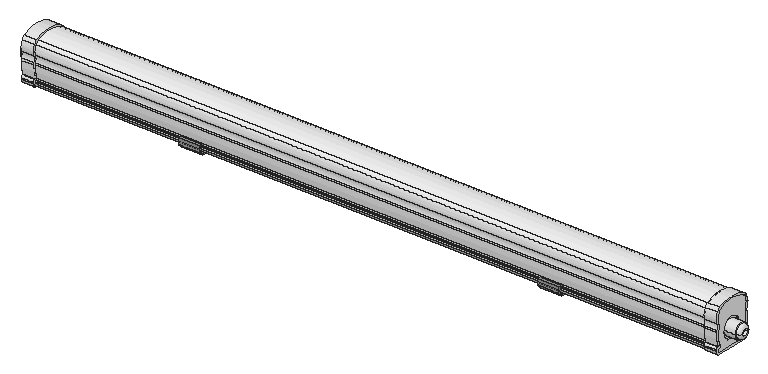
Revit family "0046031", category Lighting Fixtures, host Face, Revit 2016
Family settings
  Host = Face
  Part Type = Normal
  Round Connector Dimension = Use Diameter
  OmniClass Number = 23.80.70.00
  OmniClass Title = Lighting
  Cut with Voids When Loaded = No
  Light Source = Yes
  Shared = No
  Room Calculation Point = No
Parameters (values of type "0046031 ST WTRPRF SLIM 1200 IP65 4600LM 840")
  Weight = "7.38 kg"
  Wattage Comments = ""
  Wattage = 35 W
  WarrantyStartDate [instance] = "n/a"
  WarrantyGuarantorParts = "n/a"
  WarrantyDurationUnit = "n/a"
  WarrantyDurationParts = "n/a"
  WarrantyDescription = "n/a"
  built-in parameter 1150110 = 1 (stored number, unit not read)
  Voltage = 0 V
  URL = "http://www.sylvania-lighting.com"
  TypeName = "START Waterproof Slim 1200 IP65 4600lm 840"
  Type Image = <None>
  Type Comments = "n/a"
  built-in parameter 1114217 = 1 (stored number, unit not read)
  Tilt Angle = -90.00°
  built-in parameter 1150109 = 1 (stored number, unit not read)
  built-in parameter 1150134 = 12
  built-in parameter 1150113 = 1 (stored number, unit not read)
  SerialNumber [instance] = "n/a"
  S_SYL = no
  Photometric Web File = "0046031.ies"
  Material_3_SYL = Aluminum
  PowerFactor = 0.9
  PowerConsumption = "35 W"
  NominalLength = 1208 mm
  NominalHeight = 75 mm
  NominalDepth = 63 mm
  Name = "START Waterproof Slim 1200 IP65 4600lm 840"
  ModelReference = Name  # "START Waterproof Slim 1200 IP65 4600lm 840"
  ModelNumber = "0046031"
  Model = Name  # "START Waterproof Slim 1200 IP65 4600lm 840"
  Material = "n/a"
  ManufacturerName = "Feilo Sylvania"
  Manufacturer = "Feilo Sylvania"
  M_SYL = yes
  LuminousEfficacy = "130 lm/W"
  built-in parameter 1150105 = 1310.6 (stored number, unit not read)
  Lumens = 4550 lm
  LuminaireType = ""
  built-in parameter 1150115 = 1 (stored number, unit not read)
  LightOutputRatio = "n/a"
  built-in parameter 1150137 = (empty or 0)
  built-in parameter 1150139 = (empty or 0)
  Length_SYL = if(S_SYL, 601 mm, if(M_SYL, 1161 mm, 1442 mm))  # 1161 mm
  LampsType = Lamp  # "LED"
  LampNominalLuminous = "4550 lm"
  LampMacAdamStep = "n/a"
  LampColourTemperature = "4000 K"
  LampColourRenderingIndex = "80"
  built-in parameter 1150112 = 1 (stored number, unit not read)
  built-in parameter 1150114 = 1 (stored number, unit not read)
  Lamp = "LED"
  Keynote = "16500"
  InstallationDate [instance] = "n/a"
  InputVoltage = "n/a"
  InputNominalFrequency = "n/a"
  built-in parameter 1150132 = (empty or 0)
  built-in parameter 1150102 = (empty or 0)
  built-in parameter 1150107 = 4000 (stored number, unit not read)
  built-in parameter 1150138 = (empty or 0)
  IngressProtection = "IP65"
  ImpactProtectionIndex = "IK08"
  built-in parameter 1150106 = 13.106 (stored number, unit not read)
  IfcExportType = "IfcLightFixtureType"
  IfcExportAs = "IfcLightFixtureType"
  Emit from Rectangle Width = 60 mm
  Emit from Rectangle Length = Length_SYL - 41 mm  # 1120 mm
  Emit Shape Visible in Rendering = no
  ElectricShockClassification = "Class I"
  built-in parameter 1150104 = 12.077 (stored number, unit not read)
  DocumentationLiterature = "http://www.sylvania-lighting.com/product/en-int/products/0046031"
  DimmingControlOptions = "n/a"
  Material_2_SYL = Diffuser-Sylvania
  Dimming Lamp Color Temperature Shift = <None>
  Description = "START Waterproof Slim is a LED integrated polycarbonate housing luminaire with easy to access electrical terminal through bayonet lock end caps and tool-free electrical connection due to push-in terminal. Flexible installation as mounting brackets can be positioned freely on the luminaire. 35W; 4550lm; High efficiency with 130lm/W and 50,000 lifetime. SDCM ≤6; IP65; IK08; Class I; 1208mm x 63mm x 75mm ,"
  Default Elevation = 1219.2 mm
  CreatedOn = "3/5/2019"
  CreatedBy = "@sylvania-lighting.com"
  Cost = 0
  Color Filter = 16777215
  built-in parameter 1114216 [instance] = (empty or 0)
  ClassificationValue = "EF_70_80"
  ClassificationName = "Uniclass2015"
  Material_1_SYL = PC/ABS Plastic
  BracketDistance_SYL = if(S_SYL, 300 mm, if(M_SYL, 600 mm, 750 mm))  # 600 mm
  BarCode [instance] = "n/a"
  built-in parameter 1114218 = 1 (stored number, unit not read)
  built-in parameter 1150133 = 10 (stored number, unit not read)
  AssetType = "Fixed"
  AssetIdentifier [instance] = "n/a"
  Assembly Code = "D5020200"
  Apparent Load = 35 VA
  Material_4_SYL = none
Reference planes
  plane 1 "Center (Front/Back)": y = 0
  plane 2: z = 0
  plane 3 "Center (Left/Right)": x = 0
  plane 4: y = 31.5
  plane 5: y = -31.5
  plane 6: z = 86
  plane 7: z = 5
  plane 8: x = -580.5
  plane 9: x = 580.5
  plane 10: x = -560
  plane 11: x = 560
  plane 12: x = -579.5
  plane 13: x = 579.5
  plane 14: z = 33.7
  plane 15: y = 11
  plane 16: x = 575.5
  plane 17: x = -575.5
  plane 18: y = 17
  plane 19: x = 596
  plane 20: x = -596
  plane 21: x = 602.2
  plane 22: x = -602.2
  plane 23: y = 12.2
  plane 24: y = 6.2
  plane 25: z = 1
  plane 26: y = 26
  plane 27: y = -26
  plane 28: z = 15
  plane 29: x = -300
  plane 30: x = 300
  plane 31: x = -317.5
  plane 32: x = -282.5
  plane 33: x = 317.5
  plane 34: x = 282.5
Forms (mm)
  Extrusion 1, solid
    sketch origin (0, 0, 5) x (0, 1, 0) y (0, 0, 1)
      loop
        arc (26.446, 12.356) -> (28.93, 23.033) -> (29.9, 33.951) r 78.424
        arc (29.9, 33.951) -> (29.789, 35.375) -> (29.407, 36.75) r 7.401
        arc (29.407, 36.75) -> (28.37, 42.326) -> (29.407, 47.901) r 15.507
        arc (29.407, 47.901) -> (30.59, 55.782) -> (28.321, 63.421) r 18.358
        arc (28.321, 63.421) -> (26.333, 66.056) -> (23.699, 68.044) r 11.911
        arc (23.699, 68.044) -> (0, 74.189) -> (-23.699, 68.044) r 48.773
        arc (-23.699, 68.044) -> (-26.333, 66.056) -> (-28.321, 63.421) r 11.911
        arc (-28.321, 63.421) -> (-30.59, 55.782) -> (-29.407, 47.901) r 18.358
        arc (-29.407, 47.901) -> (-28.37, 42.326) -> (-29.407, 36.75) r 15.507
        arc (-29.407, 36.75) -> (-29.789, 35.375) -> (-29.9, 33.951) r 7.401
        arc (-29.9, 33.951) -> (-28.93, 23.033) -> (-26.446, 12.356) r 78.424
        line (-26.446, 12.356) -> (-26.446, 9.516) -> (-28.478, 9.516)
        arc (-28.478, 9.516) -> (-29.483, 9.1) -> (-29.9, 8.094) r 1.422
        line (-29.9, 8.094) -> (-29.9, 5.51)
        arc (-29.9, 5.51) -> (-28.755, 2.745) -> (-25.99, 1.6) r 3.91
        line (-25.99, 1.6) -> (0, 1.6) -> (25.99, 1.6)
        arc (25.99, 1.6) -> (28.755, 2.745) -> (29.9, 5.51) r 3.91
        line (29.9, 5.51) -> (29.9, 8.094)
        arc (29.9, 8.094) -> (29.483, 9.1) -> (28.478, 9.516) r 1.422
        line (28.478, 9.516) -> (26.446, 9.516) -> (26.446, 12.356)
    from -560 to 560
  Extrusion 2, solid, material "PC/ABS Plastic" <- "Material_1_SYL"
    sketch origin (560, 1524, 1224.2) x (0, 1, 0) y (0, 0, 1)
      loop
        line (-1552.046, -1207.084) -> (-1552.046, -1208.115)
        arc (-1552.046, -1208.115) -> (-1554.456, -1208.821) -> (-1555.5, -1211.106) r 3.022
        line (-1555.5, -1211.106) -> (-1555.5, -1213.69)
        arc (-1555.5, -1213.69) -> (-1553.886, -1217.586) -> (-1549.99, -1219.2) r 5.51
        line (-1549.99, -1219.2) -> (-1524, -1219.2) -> (-1498.01, -1219.2)
        arc (-1498.01, -1219.2) -> (-1494.114, -1217.586) -> (-1492.5, -1213.69) r 5.51
        line (-1492.5, -1213.69) -> (-1492.5, -1211.106)
        arc (-1492.5, -1211.106) -> (-1493.544, -1208.821) -> (-1495.954, -1208.115) r 3.022
        line (-1495.954, -1208.115) -> (-1495.954, -1207.084)
        arc (-1495.954, -1207.084) -> (-1493.471, -1196.301) -> (-1492.5, -1185.279) r 80.024
        arc (-1492.5, -1185.279) -> (-1492.635, -1183.547) -> (-1493.1, -1181.874) r 9.001
        arc (-1493.1, -1181.874) -> (-1494.03, -1176.874) -> (-1493.1, -1171.874) r 13.907
        arc (-1493.1, -1171.874) -> (-1491.814, -1163.307) -> (-1494.28, -1155.001) r 19.958
        arc (-1494.28, -1155.001) -> (-1496.535, -1152.013) -> (-1499.524, -1149.758) r 13.511
        arc (-1499.524, -1149.758) -> (-1524, -1143.411) -> (-1548.476, -1149.758) r 50.373
        arc (-1548.476, -1149.758) -> (-1551.465, -1152.013) -> (-1553.72, -1155.001) r 13.511
        arc (-1553.72, -1155.001) -> (-1556.186, -1163.307) -> (-1554.9, -1171.874) r 19.958
        arc (-1554.9, -1171.874) -> (-1553.97, -1176.874) -> (-1554.9, -1181.874) r 13.907
        arc (-1554.9, -1181.874) -> (-1555.365, -1183.547) -> (-1555.5, -1185.279) r 9.001
        arc (-1555.5, -1185.279) -> (-1554.529, -1196.301) -> (-1552.046, -1207.084) r 80.024
    from 0 to 20.5
  Extrusion 3, solid, material "PC/ABS Plastic" <- "Material_1_SYL"
    sketch origin (-560, 1524, 1224.2) x (0, 1, 0) y (0, 0, 1)
      loop
        arc (-1499.524, -1149.758) -> (-1524, -1143.411) -> (-1548.476, -1149.758) r 50.373
        arc (-1548.476, -1149.758) -> (-1551.465, -1152.013) -> (-1553.72, -1155.001) r 13.511
        arc (-1553.72, -1155.001) -> (-1556.186, -1163.307) -> (-1554.9, -1171.874) r 19.958
        arc (-1554.9, -1171.874) -> (-1553.97, -1176.874) -> (-1554.9, -1181.874) r 13.907
        arc (-1554.9, -1181.874) -> (-1555.365, -1183.547) -> (-1555.5, -1185.279) r 9.001
        arc (-1555.5, -1185.279) -> (-1554.529, -1196.301) -> (-1552.046, -1207.084) r 80.024
        line (-1552.046, -1207.084) -> (-1552.046, -1208.115)
        arc (-1552.046, -1208.115) -> (-1554.456, -1208.821) -> (-1555.5, -1211.106) r 3.022
        line (-1555.5, -1211.106) -> (-1555.5, -1213.69)
        arc (-1555.5, -1213.69) -> (-1553.886, -1217.586) -> (-1549.99, -1219.2) r 5.51
        line (-1549.99, -1219.2) -> (-1524, -1219.2) -> (-1498.01, -1219.2)
        arc (-1498.01, -1219.2) -> (-1494.114, -1217.586) -> (-1492.5, -1213.69) r 5.51
        line (-1492.5, -1213.69) -> (-1492.5, -1211.106)
        arc (-1492.5, -1211.106) -> (-1493.544, -1208.821) -> (-1495.954, -1208.115) r 3.022
        line (-1495.954, -1208.115) -> (-1495.954, -1207.084)
        arc (-1495.954, -1207.084) -> (-1493.471, -1196.301) -> (-1492.5, -1185.279) r 80.024
        arc (-1492.5, -1185.279) -> (-1492.635, -1183.547) -> (-1493.1, -1181.874) r 9.001
        arc (-1493.1, -1181.874) -> (-1494.03, -1176.874) -> (-1493.1, -1171.874) r 13.907
        arc (-1493.1, -1171.874) -> (-1491.814, -1163.307) -> (-1494.28, -1155.001) r 19.958
        arc (-1494.28, -1155.001) -> (-1496.535, -1152.013) -> (-1499.524, -1149.758) r 13.511
    from -20.5 to 0
  Extrusion 4, void
    sketch origin (580.5, 1524, 1224.2) x (0, -1, 0) y (0, 0, 1)
      loop
        arc (1553.033, -1171.155) -> (1554.191, -1163.446) -> (1551.972, -1155.973) r 17.958
        arc (1551.972, -1155.973) -> (1550.051, -1153.427) -> (1547.504, -1151.506) r 11.511
        arc (1547.504, -1151.506) -> (1524, -1145.411) -> (1500.496, -1151.506) r 48.373
        arc (1500.496, -1151.506) -> (1497.949, -1153.427) -> (1496.028, -1155.973) r 11.511
        arc (1496.028, -1155.973) -> (1493.809, -1163.446) -> (1494.967, -1171.155) r 17.958
        arc (1494.967, -1171.155) -> (1496.03, -1176.874) -> (1494.967, -1182.593) r 15.907
        arc (1494.967, -1182.593) -> (1494.605, -1183.895) -> (1494.5, -1185.241) r 7.001
        arc (1494.5, -1185.241) -> (1495.47, -1196.134) -> (1497.954, -1206.784) r 78.024
        line (1497.954, -1206.784) -> (1497.954, -1210.094) -> (1495.668, -1210.094)
        arc (1495.668, -1210.094) -> (1494.853, -1210.333) -> (1494.5, -1211.106) r 1.022
        line (1494.5, -1211.106) -> (1494.5, -1213.69)
        arc (1494.5, -1213.69) -> (1495.528, -1216.172) -> (1498.01, -1217.2) r 3.51
        line (1498.01, -1217.2) -> (1524, -1217.2) -> (1549.99, -1217.2)
        arc (1549.99, -1217.2) -> (1552.472, -1216.172) -> (1553.5, -1213.69) r 3.51
        line (1553.5, -1213.69) -> (1553.5, -1211.106)
        arc (1553.5, -1211.106) -> (1553.147, -1210.333) -> (1552.332, -1210.094) r 1.022
        line (1552.332, -1210.094) -> (1550.046, -1210.094) -> (1550.046, -1206.784)
        arc (1550.046, -1206.784) -> (1552.53, -1196.134) -> (1553.5, -1185.241) r 78.024
        arc (1553.5, -1185.241) -> (1553.395, -1183.895) -> (1553.033, -1182.593) r 7.001
        arc (1553.033, -1182.593) -> (1551.97, -1176.874) -> (1553.033, -1171.155) r 15.907
    from 0 to 1
  Extrusion 5, void
    sketch origin (-580.5, 1524, 1224.2) x (0, -1, 0) y (0, 0, 1)
      loop
        arc (1547.504, -1151.506) -> (1524, -1145.411) -> (1500.496, -1151.506) r 48.373
        arc (1500.496, -1151.506) -> (1497.949, -1153.427) -> (1496.028, -1155.973) r 11.511
        arc (1496.028, -1155.973) -> (1493.809, -1163.446) -> (1494.967, -1171.155) r 17.958
        arc (1494.967, -1171.155) -> (1496.03, -1176.874) -> (1494.967, -1182.593) r 15.907
        arc (1494.967, -1182.593) -> (1494.605, -1183.895) -> (1494.5, -1185.241) r 7.001
        arc (1494.5, -1185.241) -> (1495.47, -1196.134) -> (1497.954, -1206.784) r 78.024
        line (1497.954, -1206.784) -> (1497.954, -1210.094) -> (1495.668, -1210.094)
        arc (1495.668, -1210.094) -> (1494.853, -1210.333) -> (1494.5, -1211.106) r 1.022
        line (1494.5, -1211.106) -> (1494.5, -1213.69)
        arc (1494.5, -1213.69) -> (1495.528, -1216.172) -> (1498.01, -1217.2) r 3.51
        line (1498.01, -1217.2) -> (1524, -1217.2) -> (1549.99, -1217.2)
        arc (1549.99, -1217.2) -> (1552.472, -1216.172) -> (1553.5, -1213.69) r 3.51
        line (1553.5, -1213.69) -> (1553.5, -1211.106)
        arc (1553.5, -1211.106) -> (1553.147, -1210.333) -> (1552.332, -1210.094) r 1.022
        line (1552.332, -1210.094) -> (1550.046, -1210.094) -> (1550.046, -1206.784)
        arc (1550.046, -1206.784) -> (1552.53, -1196.134) -> (1553.5, -1185.241) r 78.024
        arc (1553.5, -1185.241) -> (1553.395, -1183.895) -> (1553.033, -1182.593) r 7.001
        arc (1553.033, -1182.593) -> (1551.97, -1176.874) -> (1553.033, -1171.155) r 15.907
        arc (1553.033, -1171.155) -> (1554.191, -1163.446) -> (1551.972, -1155.973) r 17.958
        arc (1551.972, -1155.973) -> (1550.051, -1153.427) -> (1547.504, -1151.506) r 11.511
    from 0 to -1
  Revolve 6, void
    sketch origin (0, 1219.2, 33.7) x (1, 0, 0) y (0, 1, 0)
      loop
        line (579.5, -1202.2) -> (575.5, -1202.2) -> (575.5, -1219.2) -> (579.5, -1219.2) -> (579.5, -1202.2)
      loop
        line (-575.5, -1219.2) -> (-575.5, -1202.2) -> (-579.5, -1202.2) -> (-579.5, -1219.2) -> (-575.5, -1219.2)
      axis (579.5, -1219.2) -> (-579.5, -1219.2)
    angle from 360 to 0
  Revolve 7, solid, material "PC/ABS Plastic" <- "Material_1_SYL"
    sketch origin (0, 1219.2, 33.7) x (1, 0, 0) y (0, 1, 0)
      loop
        line (575.5, -1219.2) -> (596, -1219.2) -> (596, -1213) -> (602.2, -1213)
        arc (602.2, -1213) -> (599.92, -1209.54) -> (596, -1208.2) r 6.404
        line (596, -1208.2) -> (596, -1207) -> (575.5, -1207) -> (575.5, -1219.2)
      loop
        line (-575.5, -1219.2) -> (-575.5, -1207) -> (-596, -1207) -> (-596, -1208.2)
        arc (-596, -1208.2) -> (-599.92, -1209.54) -> (-602.2, -1213) r 6.404
        line (-602.2, -1213) -> (-596, -1213) -> (-596, -1219.2) -> (-575.5, -1219.2)
      axis (602.2, -1219.2) -> (-602.2, -1219.2)
    angle from 360 to 0
  Extrusion 8, solid, material "Aluminum" <- "Material_3_SYL"
    sketch origin (-300, 1524, 1214.2) x (0, 1, 0) y (0, 0, 1)
      loop
        line (-1498, -1213.2) -> (-1550, -1213.2) -> (-1555.5, -1207.7) -> (-1555.5, -1199.2) -> (-1550.446, -1199.2) -> (-1550.446, -1198.2) -> (-1556.5, -1198.2) -> (-1556.5, -1208.114) -> (-1550.414, -1214.2) -> (-1497.586, -1214.2) -> (-1491.5, -1208.114) -> (-1491.5, -1198.2) -> (-1497.554, -1198.2) -> (-1497.554, -1199.2) -> (-1492.5, -1199.2) -> (-1492.5, -1207.7) -> (-1498, -1213.2)
    from -17.5 to 17.5
  Extrusion 9, solid, material "Aluminum" <- "Material_3_SYL"
    sketch origin (300, 1524, 1214.2) x (0, 1, 0) y (0, 0, 1)
      loop
        line (-1550, -1213.2) -> (-1555.5, -1207.7) -> (-1555.5, -1199.2) -> (-1550.446, -1199.2) -> (-1550.446, -1198.2) -> (-1556.5, -1198.2) -> (-1556.5, -1208.114) -> (-1550.414, -1214.2) -> (-1497.586, -1214.2) -> (-1491.5, -1208.114) -> (-1491.5, -1198.2) -> (-1497.554, -1198.2) -> (-1497.554, -1199.2) -> (-1492.5, -1199.2) -> (-1492.5, -1207.7) -> (-1498, -1213.2) -> (-1550, -1213.2)
    from -17.5 to 17.5
Cuts and joins
  Extrusion 4, Revolve 6 cuts Extrusion 2
  Extrusion 5, Revolve 6 cuts Extrusion 3
Lines and regions (mm)
  reference lines
    curve 1: line (0, 0, 5) -> (0, -25.99, 5)
    curve 2: line (0, -31.5, 10.51) -> (0, -31.5, 13.094)
    curve 3: line (0, -28.478, 16.116) -> (0, -28.046, 16.116)
    curve 4: line (0, -28.046, 16.116) -> (0, -28.046, 17.116)
    curve 5: arc (0, -28.046, 17.116) -> (0, -30.529, 27.899) -> (0, -31.5, 38.921) r 80.024
    curve 6: arc (0, -31.5, 38.921) -> (0, -31.365, 40.653) -> (0, -30.9, 42.326) r 9.001
    curve 7: arc (0, -30.9, 42.326) -> (0, -29.97, 47.326) -> (0, -30.9, 52.326) r 13.907
    curve 8: arc (0, -30.9, 52.326) -> (0, -32.186, 60.893) -> (0, -29.72, 69.199) r 19.958
    curve 9: arc (0, -29.72, 69.199) -> (0, -27.465, 72.187) -> (0, -24.476, 74.442) r 13.511
    curve 10: arc (0, -31.5, 13.094) -> (0, -30.615, 15.231) -> (0, -28.478, 16.116) r 3.022
    curve 11: arc (0, -25.99, 5) -> (0, -29.886, 6.614) -> (0, -31.5, 10.51) r 5.51
    curve 12: line (0, 0, 5) -> (0, 25.99, 5)
    curve 13: line (0, 31.5, 10.51) -> (0, 31.5, 13.094)
    curve 14: line (0, 28.478, 16.116) -> (0, 28.046, 16.116)
    curve 15: line (0, 28.046, 16.116) -> (0, 28.046, 17.116)
    curve 16: arc (0, 28.046, 17.116) -> (0, 30.529, 27.899) -> (0, 31.5, 38.921) r 80.024
    curve 17: arc (0, 31.5, 38.921) -> (0, 31.365, 40.653) -> (0, 30.9, 42.326) r 9.001
    curve 18: arc (0, 30.9, 42.326) -> (0, 29.97, 47.326) -> (0, 30.9, 52.326) r 13.907
    curve 19: arc (0, 30.9, 52.326) -> (0, 32.186, 60.893) -> (0, 29.72, 69.199) r 19.958
    curve 20: arc (0, 29.72, 69.199) -> (0, 27.465, 72.187) -> (0, 24.476, 74.442) r 13.511
    curve 21: arc (0, 31.5, 13.094) -> (0, 30.615, 15.231) -> (0, 28.478, 16.116) r 3.022
    curve 22: arc (0, 25.99, 5) -> (0, 29.886, 6.614) -> (0, 31.5, 10.51) r 5.51
    curve 23: arc (0, -24.476, 74.442) -> (0, 0, 80.789) -> (0, 24.476, 74.442) r 50.373
    curve 24: circle (0, 0, 33.7) r 17 normal (1, 0, 0)
    curve 25: circle (0, 0, 33.7) r 11 normal (1, 0, 0)
    curve 26: line (0, -26, 1) -> (0, -31.5, 6.5)
    curve 27: line (0, 26, 1) -> (0, 31.5, 6.5)
Dimensions and locks
  equal spacing: plane 5, plane 1 "Center (Front/Back)", plane 4
  plane 5 to plane 4 = 63 mm
  equal spacing: plane 8, plane 3 "Center (Left/Right)", plane 9
  "Length_SYL": plane 8 to plane 9
  equal spacing: plane 10, plane 3 "Center (Left/Right)", plane 11
  locked: plane 8 to plane 10 at 20.5
  equal spacing: plane 12, plane 3 "Center (Left/Right)", plane 13
  locked: plane 8 to plane 12 at 1
  locked: plane 7 to plane 14 at 28.7
  equal spacing: plane 17, plane 3 "Center (Left/Right)", plane 16
  locked: plane 12 to plane 17 at 4
  locked: plane 1 "Center (Front/Back)" to plane 15 at 11
  locked: plane 1 "Center (Front/Back)" to plane 18 at 17
  equal spacing: plane 20, plane 3 "Center (Left/Right)", plane 19
  equal spacing: plane 22, plane 3 "Center (Left/Right)", plane 21
  locked: plane 20 to plane 12 at 16.5
  locked: plane 22 to plane 20 at 6.2
  locked: plane 15 to plane 23 at 1.2
  locked: plane 1 "Center (Front/Back)" to plane 24 at 6.2
  locked: plane 25 to plane 7 at 4
  equal spacing: plane 27, plane 1 "Center (Front/Back)", plane 26
  locked: plane 27 to plane 26 at 52
  locked: plane 7 to plane 28 at 10
  equal spacing: plane 29, plane 3 "Center (Left/Right)", plane 30
  "BracketDistance_SYL": plane 29 to plane 30
  plane 31 to plane 29 to plane 32 = 17.5 mm locked, 17.5 mm locked
  plane 34 to plane 30 to plane 33 = 17.5 mm locked, 17.5 mm locked
  aligned and locked: plane 2 to host face
  aligned and locked: level to host face
  aligned and locked: curve 1 to plane 7
  aligned and locked: curve 2 to plane 5
  aligned and locked: plane 5 to curve 5
  aligned and locked: Extrusion 1 to plane 10
  aligned and locked: plane 11 to Extrusion 1
  aligned and locked: Extrusion 2 sketch curve to curve 5
  aligned and locked: Extrusion 2 sketch curve to curve 6
  aligned and locked: Extrusion 2 sketch curve to curve 7
  aligned and locked: Extrusion 2 sketch curve to curve 8
  aligned and locked: Extrusion 2 sketch curve to curve 9
  aligned and locked: Extrusion 2 sketch curve to curve 23
  aligned and locked: Extrusion 2 sketch curve to curve 20
  aligned and locked: Extrusion 2 sketch curve to curve 19
  aligned and locked: Extrusion 2 sketch curve to curve 18
  aligned and locked: Extrusion 2 sketch curve to curve 17
  aligned and locked: Extrusion 2 sketch curve to curve 16
  aligned and locked: Extrusion 2 sketch curve to curve 21
  aligned and locked: Extrusion 2 sketch curve to curve 22
  aligned and locked: Extrusion 2 sketch curve to curve 1
  aligned and locked: Extrusion 2 sketch curve to curve 11
  aligned and locked: Extrusion 2 sketch curve to curve 10
  aligned and locked: Extrusion 2 sketch curve to curve 15
  aligned and locked: Extrusion 2 sketch curve to curve 4
  aligned and locked: plane 9 to Extrusion 2
  aligned and locked: Extrusion 2 to Extrusion 1
  aligned and locked: Extrusion 3 sketch curve to Extrusion 2  (x18)
  aligned and locked: Extrusion 3 to plane 8
  aligned and locked: Extrusion 3 to Extrusion 1
  aligned and locked: Extrusion 4 to plane 13
  aligned and locked: Extrusion 5 sketch curve to cut or joined group of Extrusion 2, Extrusion 4, Revolve 6  (x20)
  aligned and locked: plane 12 to Extrusion 5
  aligned and locked: Extrusion 5 to plane 8
  aligned and locked: plane 1 "Center (Front/Back)" to curve 24
  aligned and locked: plane 14 to curve 24
  aligned and locked: plane 1 "Center (Front/Back)" to curve 25
  aligned and locked: plane 14 to curve 25
  aligned and locked: Revolve 6 sketch curve to plane 1 "Center (Front/Back)"  (x2)
  aligned and locked: plane 18 to Revolve 6 sketch curve
  aligned and locked: Revolve 6 sketch curve to plane 13
  aligned and locked: plane 16 to Revolve 6 sketch curve
  aligned and locked: plane 1 "Center (Front/Back)" to Revolve 6 sketch curve
  aligned and locked: plane 17 to Revolve 6 sketch curve
  aligned and locked: Revolve 6 sketch curve to plane 18
  aligned and locked: Revolve 6 sketch curve to plane 12
  aligned and locked: Revolve 7 sketch curve to plane 1 "Center (Front/Back)"  (x3)
  aligned and locked: Revolve 7 sketch curve to cut or joined group of Extrusion 2, Extrusion 4, Revolve 6
  aligned and locked: Revolve 7 sketch curve to plane 23
  aligned and locked: Revolve 7 sketch curve to plane 19
  aligned and locked: Revolve 7 sketch curve to plane 24  (x2)
  aligned and locked: plane 19 to Revolve 7 sketch curve
  aligned and locked: Revolve 7 sketch curve to plane 17
  aligned and locked: plane 20 to Revolve 7 sketch curve
  aligned and locked: Revolve 7 sketch curve to plane 20
  aligned and locked: plane 23 to Revolve 7 sketch curve
  aligned and locked: imposter light to plane 1 "Center (Front/Back)"
  aligned and locked: imposter light to plane 6
  aligned and locked: plane 3 "Center (Left/Right)" to imposter light
  aligned and locked: plane 27 to curve 26
  aligned and locked: plane 5 to curve 26
  aligned and locked: plane 25 to curve 27
  aligned and locked: plane 4 to curve 27
  aligned and locked: Extrusion 8 sketch curve to plane 25
  aligned and locked: Extrusion 8 sketch curve to curve 27
  aligned and locked: plane 28 to Extrusion 8 sketch curve  (x2)
  aligned and locked: Extrusion 8 sketch curve to plane 4
  aligned and locked: Extrusion 1 to Extrusion 8 sketch curve  (x3)
  aligned and locked: Extrusion 8 sketch curve to curve 26
  aligned and locked: Extrusion 8 sketch curve to plane 5
  aligned and locked: Extrusion 8 sketch curve to Extrusion 1
  aligned and locked: plane 32 to Extrusion 8
  aligned and locked: Extrusion 8 to plane 31
  aligned and locked: Extrusion 9 sketch curve to Extrusion 8  (x16)
  aligned and locked: plane 33 to Extrusion 9
  aligned and locked: Extrusion 9 to plane 34
Automatic sketch dimensions
  host sketch curve to host sketch curve = 2438.4 mm  (x2)
  Extrusion 1 sketch curve to plane 1 "Center (Front/Back)" = 0 mm  (x2)
  plane 1 "Center (Front/Back)" to Extrusion 1 sketch curve = 12.276 mm
  Extrusion 1 sketch curve to Extrusion 1 sketch curve = 5.635 mm  (x2)
  Extrusion 1 sketch curve to plane 5 = 8.999 mm
  level to Extrusion 1 sketch curve = 6.6 mm
  Extrusion 1 sketch curve to plane 5 = 5.51 mm
  Extrusion 1 sketch curve to plane 5 = 5.054 mm
  Extrusion 1 sketch curve to Extrusion 1 sketch curve = 2.031 mm  (x2)
  Extrusion 1 sketch curve to plane 5 = 1.6 mm
  plane 5 to Extrusion 1 sketch curve = 12.377 mm
  Extrusion 1 sketch curve to Extrusion 1 sketch curve = 4.633 mm  (x2)
  Extrusion 1 sketch curve to plane 1 "Center (Front/Back)" = 12.276 mm
  plane 4 to Extrusion 1 sketch curve = 8.999 mm
  plane 4 to Extrusion 1 sketch curve = 5.51 mm
  plane 4 to Extrusion 1 sketch curve = 5.054 mm
  Extrusion 1 sketch curve to Extrusion 1 sketch curve = 1.422 mm
  Extrusion 1 sketch curve to plane 4 = 12.377 mm
  Extrusion 1 sketch curve to Extrusion 1 sketch curve = 2.584 mm  (x2)
  Extrusion 1 sketch curve to Extrusion 1 sketch curve = 2.839 mm  (x2)
  Extrusion 1 sketch curve to Extrusion 1 sketch curve = 23.816 mm
  Extrusion 1 sketch curve to Extrusion 1 sketch curve = 21.734 mm  (x2)
  Extrusion 1 sketch curve to Extrusion 1 sketch curve = 1.328 mm
  Extrusion 1 sketch curve to Extrusion 1 sketch curve = 1.466 mm
  Extrusion 1 sketch curve to Extrusion 1 sketch curve = 6.908 mm  (x2)
  plane 6 to Extrusion 1 sketch curve = 26.499 mm  (x2)
  Extrusion 1 sketch curve to Extrusion 1 sketch curve = 3.132 mm  (x2)
  Extrusion 1 sketch curve to plane 5 = 7.801 mm
  Extrusion 1 sketch curve to Extrusion 1 sketch curve = 0 mm  (x7)
  plane 4 to Extrusion 1 sketch curve = 2.093 mm
  Extrusion 2 sketch curve to plane 1 "Center (Front/Back)" = 0 mm
  Extrusion 2 sketch curve to Extrusion 2 sketch curve = 0.431 mm
  Extrusion 3 sketch curve to plane 1 "Center (Front/Back)" = 0 mm
  Extrusion 4 sketch curve to plane 1 "Center (Front/Back)" = 0 mm  (x2)
  Extrusion 4 sketch curve to plane 1 "Center (Front/Back)" = 12.276 mm
  Extrusion 4 sketch curve to Extrusion 4 sketch curve = 5.635 mm  (x2)
  plane 4 to Extrusion 4 sketch curve = 8.999 mm
  level to Extrusion 4 sketch curve = 7 mm
  plane 4 to Extrusion 4 sketch curve = 5.51 mm
  plane 4 to Extrusion 4 sketch curve = 5.454 mm
  Extrusion 4 sketch curve to Extrusion 4 sketch curve = 2.431 mm
  plane 4 to Extrusion 4 sketch curve = 2 mm
  Extrusion 4 sketch curve to plane 4 = 12.377 mm
  Extrusion 4 sketch curve to Extrusion 4 sketch curve = 4.633 mm  (x2)
  plane 1 "Center (Front/Back)" to Extrusion 4 sketch curve = 12.276 mm
  Extrusion 4 sketch curve to plane 5 = 8.999 mm
  Extrusion 4 sketch curve to plane 5 = 5.51 mm
  Extrusion 4 sketch curve to Extrusion 4 sketch curve = 0.056 mm
  Extrusion 4 sketch curve to Extrusion 4 sketch curve = 2.285 mm
  Extrusion 4 sketch curve to Extrusion 4 sketch curve = 0.146 mm  (x2)
  Extrusion 4 sketch curve to Extrusion 4 sketch curve = 1.022 mm
  plane 5 to Extrusion 4 sketch curve = 12.377 mm
  Extrusion 4 sketch curve to Extrusion 4 sketch curve = 2.584 mm  (x2)
  Extrusion 4 sketch curve to Extrusion 4 sketch curve = 3.31 mm
  Extrusion 4 sketch curve to Extrusion 4 sketch curve = 4.322 mm
  Extrusion 4 sketch curve to Extrusion 4 sketch curve = 23.416 mm
  Extrusion 4 sketch curve to Extrusion 4 sketch curve = 21.674 mm  (x2)
  Extrusion 4 sketch curve to Extrusion 4 sketch curve = 1.328 mm
  Extrusion 4 sketch curve to Extrusion 4 sketch curve = 1.459 mm
  Extrusion 4 sketch curve to Extrusion 4 sketch curve = 6.908 mm  (x2)
  plane 6 to Extrusion 4 sketch curve = 26.499 mm  (x2)
  Extrusion 4 sketch curve to Extrusion 4 sketch curve = 3.132 mm  (x2)
  plane 4 to Extrusion 4 sketch curve = 7.996 mm
  Extrusion 4 sketch curve to Extrusion 4 sketch curve = 0 mm  (x7)
  Extrusion 4 sketch curve to plane 5 = 2.467 mm
  Extrusion 5 sketch curve to plane 1 "Center (Front/Back)" = 0 mm
  Revolve 6 sketch curve to plane 8 = 1368.5 mm
  plane 9 to Revolve 6 sketch curve = 1368.5 mm
  Revolve 7 sketch curve to plane 22 = 0 mm
  plane 15 to Revolve 7 sketch curve = 0 mm  (x2)
  Revolve 7 sketch curve to plane 21 = 0 mm
  Revolve 7 sketch curve to plane 22 = 1346.8 mm
  plane 21 to Revolve 7 sketch curve = 1346.8 mm
  curve 6 to plane 5 = 0 mm
  curve 23 to plane 1 "Center (Front/Back)" = 0 mm
  curve 1 to plane 1 "Center (Front/Back)" = 0 mm
  curve 27 to plane 26 = 0 mm
  curve 21 to plane 4 = 0 mm
  curve 17 to plane 4 = 0 mm
  curve 16 to plane 4 = 0 mm
  plane 25 to curve 26 = 0 mm
  plane 5 to curve 7 = 12.377 mm
  curve 16 to curve 7 = 4.633 mm
  plane 27 to curve 10 = 2.478 mm
  curve 3 to curve 3 = 0.431 mm
  curve 11 to plane 27 = 0.01 mm
  curve 6 to plane 27 = 3.499 mm
  curve 9 to plane 27 = 8.089 mm
  curve 9 to curve 8 = 5.635 mm
  curve 19 to plane 23 = 0.076 mm
  curve 20 to plane 18 = 0.911 mm
  plane 26 to curve 17 = 3.499 mm
  plane 26 to curve 12 = 0.01 mm
  curve 14 to plane 26 = 2.046 mm
  curve 21 to plane 26 = 2.478 mm
  curve 18 to plane 4 = 12.377 mm
  curve 18 to curve 5 = 4.633 mm
  curve 11 to curve 10 = 2.584 mm
  curve 22 to curve 21 = 2.584 mm
  curve 14 to curve 15 = 1 mm
  curve 3 to curve 4 = 1 mm
  curve 23 to curve 25 = 3.284 mm
  curve 6 to plane 14 = 5.39 mm
  curve 17 to plane 14 = 5.39 mm
  curve 5 to curve 18 = 6.908 mm
  curve 16 to curve 7 = 6.908 mm
  plane 6 to curve 19 = 26.499 mm
  plane 6 to curve 8 = 26.499 mm
  curve 19 to curve 20 = 3.132 mm
  curve 8 to curve 9 = 3.132 mm
  curve 7 to plane 5 = 0.6 mm
  curve 8 to curve 7 = 0 mm
  curve 9 to curve 8 = 0 mm
  curve 23 to curve 9 = 0 mm
  curve 20 to curve 23 = 0 mm
  curve 19 to curve 20 = 0 mm
  curve 18 to curve 17 = 0 mm
  curve 26 to plane 7 = 1.5 mm
  curve 27 to plane 7 = 1.5 mm
  plane 5 to Extrusion 8 sketch curve = 1 mm
  plane 27 to Extrusion 8 sketch curve = 0.414 mm
  Extrusion 8 sketch curve to plane 26 = 0.414 mm
  Extrusion 8 sketch curve to plane 4 = 1 mm
  plane 25 to Extrusion 8 sketch curve = 1 mm
  Extrusion 8 sketch curve to Extrusion 8 sketch curve = 0.414 mm  (x2)
  Extrusion 8 sketch curve to plane 28 = 1 mm  (x2)
  radius of curve 24 = 17 mm
  radius of curve 25 = 11 mm
Connectors
  electrical at (-596, 0, 33.7), driven by "Voltage", driven by "Apparent Load", driven by "PowerFactor"
    settings: on Revolve 7, index 1, voltage 0 V, apparent load 0 VA, apparent load phase1 35 VA, apparent load phase2 0 VA, apparent load phase3 0 VA, power factor 0.9, load classification "Other", number of poles 1, system type 31, power factor state 1, is connector primary yes, connector utility no, sub classification motor no, connector description ""
